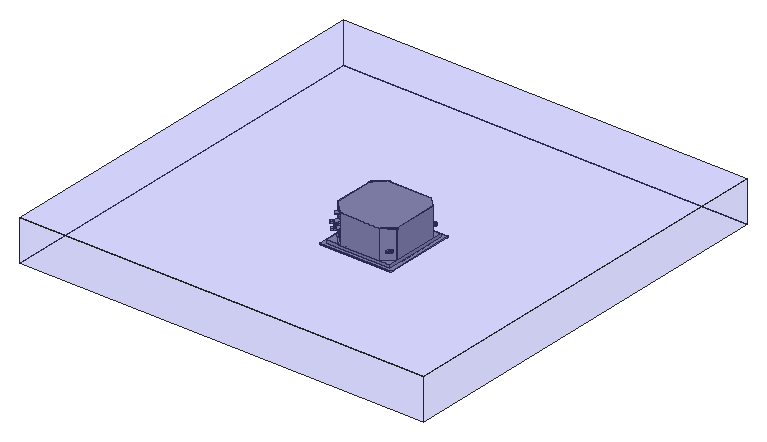
Revit family "SYSIMPLE FCC30A", category Оборудование, Revit 2019
Family settings
  Размер круглого соединителя = Использовать диаметр
  Тип детали = Нормальный
  На основе рабочей плоскости = Нет
  Всегда вертикально = Да
  При загрузке вырезать с полостями = Нет
  Общий = Нет
  Точка расчета площади = Нет
Parameters
  panel dimension(W) = "650x650x55"
  Water Flow Volume(m³/h) = "0.62"
  Top clearance(mm) = 50 mm
  Service Area [instance] = yes
  Right Side clearance(ODU side mm) [instance] = "/"
  Right Side clearance(wall side mm) [instance] = 1500 mm
  Refrigerant type = "/"
  Refrigerant Charged Volume(kg) = "/"
  Rear clearance(mm) = 1500 mm
  Protection grade = "/"
  Product series = "Cassette FCU"
  Power = "220-240V,50,1"
  Operation range cooling (°C） = "/"
  Operation range Heatling (°C） = "/"
  fan type = "AC"
  ODU fan ESP = "/"
  Noise Level(dB) = "≤39"
  NET Weight（body/panel） = "18/3"
  Model = "AFC-300CA/4BA"
  Max.Power input = "/"
  Max.Current input = "/"
  Manufacturer URL = "/"
  Manufacturer = "AUX"
  Left Side clearance(ODU side mm) = "/"
  Left Side clearance(wall side mm) [instance] = 1500 mm
  Installation hole spacing（W) = "/"
  Installation hole spacing（L) = "510.4*514.6*530.5*463"
  Heating power input = "/"
  Heating current = "/"
  Heating capacity = "4800/4200/3700"
  Gross Weight（body/panel） = "21/5"
  Front clearance(mm) = 1500 mm
  Fan motor quantity = "/"
  EER = "/"
  Inlet/Outlet /Drain  Water Pipe = "DN20"
  Design company = "/"
  Design Pressure(Mpa） = "1.6"
  Current of Circuit breaker = "/"
  Cooling current = "/"
  Cooling capacity = "3300/2840/2380"
  Cooling Power input = "/"
  Compressor type = "/"
  Compressor quantity = "/"
  Chassis height（mm) = "/"
  Capacity = "/"
  COP = "/"
  Body dimension(W) = "570×570×260"
  Air guide size(mm) = "/"
  Air flow(m³/h) = "510/440/360"
Reference planes
  plane 1 "中心(前/后)": y = 0
  plane 2: z = 0
  plane 3 "中心(左/右)": x = 0
  plane 4: z = 311.5
  plane 5: z = 261.5
  plane 6: z = -60
Forms (mm)
  Extrusion 1, solid, material "金属"
    sketch origin (0, 0, 0) x (1, 0, 0) y (0, 1, 0)
      loop
        line (-359.149, -138.318) -> (-358.088, -137.257) -> (-361.39, -133.964) -> (-361.39, 220.167) -> (-272.419, 309.137) -> (-273.48, 310.197) -> (-362.231, 221.447)
        arc (-362.231, 221.447) -> (-362.718, 220.717) -> (-362.89, 219.856) r 2.25
        line (-362.89, 219.856) -> (-362.89, -133.549)
        arc (-362.89, -133.549) -> (-362.699, -134.505) -> (-362.157, -135.316) r 2.5
        line (-362.157, -135.316) -> (-359.149, -138.318)
      loop
        line (-272.087, 310.552) -> (118.782, 310.552) -> (206.392, 222.349) -> (207.699, 223.53) -> (119.733, 311.496)
        arc (119.733, 311.496) -> (119.117, 311.908) -> (118.391, 312.052) r 1.897
        line (118.391, 312.052) -> (-272.087, 312.052) -> (-272.087, 310.552)
      loop
        line (207.973, -170.21) -> (118.469, -259.715) -> (-235.142, -259.715) -> (-235.142, -261.215) -> (118.054, -261.215)
        arc (118.054, -261.215) -> (119.011, -261.024) -> (119.822, -260.482) r 2.5
        line (119.822, -260.482) -> (201.978, -178.326) -> (208.814, -171.49)
        arc (208.814, -171.49) -> (209.302, -170.76) -> (209.473, -169.899) r 2.25
        line (209.473, -169.899) -> (209.473, 219.832) -> (207.973, 219.832) -> (207.973, -170.21)
    from 0 to 260
  Extrusion 2, solid, material "金属"
    sketch origin (0, 0, 0) x (1, 0, 0) y (0, 1, 0)
      loop
        line (-361.39, -133.964) -> (-235.346, -259.715) -> (118.469, -259.715) -> (207.973, -170.21) -> (207.973, 220.757) -> (118.782, 310.552) -> (-271.004, 310.552) -> (-361.39, 220.167) -> (-361.39, -133.964)
    from 0 to 260
  Extrusion 3, solid, material "金属"
    sketch origin (0, 0, 260) x (1, 0, 0) y (0, 1, 0)
      loop
        line (-271.004, 310.552) -> (-361.39, 220.167) -> (-361.39, -133.964) -> (-235.346, -259.715) -> (118.469, -259.715) -> (207.973, -170.21) -> (207.973, 220.757) -> (118.782, 310.552) -> (-271.004, 310.552)
    from 0 to 1.5
  Extrusion 4, solid, material "金属"
    sketch origin (0, 0, 0) x (1, 0, 0) y (0, 1, 0)
      loop
        line (-358.618, -138.849) -> (-242.092, -255.39) -> (-240.887, -254.187) -> (-357.557, -137.787) -> (-358.618, -138.849)
    from 1.5 to 260
  Sweep 5, solid, material "金属"
    path in 3D
      loop
        line (-242.092, -255.39, 1.5) -> (-358.618, -138.849, 1.5)
    profile origin (-300.355, -197.12, 1.5) x (0.707152, 0.707062, 0) y (0, 0, -1)
      loop
        line (-10.297, 0) -> (1.703, 0)
        arc (1.703, 0) -> (1.264, 1.061) -> (0.204, 1.5) r 1.499
        line (0.204, 1.5) -> (-10.297, 1.5) -> (-10.297, 0)
  Extrusion 6, solid, material "金属"
    sketch origin (-358.615, -138.852, 0) x (0.707062, -0.707152, 0) y (0, 0, 1)
      loop
        line (59.246, 29) -> (152.246, 29)
        arc (152.246, 29) -> (155.782, 30.464) -> (157.246, 34) r 5
        line (157.246, 34) -> (157.246, 111)
        arc (157.246, 111) -> (155.782, 114.536) -> (152.246, 116) r 5
        line (152.246, 116) -> (137.246, 116)
        arc (137.246, 116) -> (133.711, 114.536) -> (132.246, 111) r 5
        arc (132.246, 111) -> (119.746, 98.5) -> (107.246, 111) r 12.5
        line (107.246, 111) -> (107.246, 146)
        arc (107.246, 146) -> (105.782, 149.536) -> (102.246, 151) r 5
        line (102.246, 151) -> (99.246, 151)
        arc (99.246, 151) -> (95.711, 149.536) -> (94.246, 146) r 5
        arc (94.246, 146) -> (81.746, 133.5) -> (69.246, 146) r 12.5
        arc (69.246, 146) -> (67.782, 149.536) -> (64.246, 151) r 5
        arc (64.246, 151) -> (60.711, 149.536) -> (59.246, 146) r 5
        line (59.246, 146) -> (59.246, 29)
    from 0 to 3
  Extrusion 7, solid, material "黑色"
    sketch origin (-358.615, -138.852, 0) x (0.707062, -0.707152, 0) y (0, 0, 1)
      loop
        circle (81.746, 146) r 12.5
    from 0 to 30
  Extrusion 8, solid, material "黑色"
    sketch origin (-358.615, -138.852, 0) x (0.707062, -0.707152, 0) y (0, 0, 1)
      loop
        circle (119.746, 111) r 12.5
    from 0 to 23.5
  Extrusion 9, solid, material "金属"
    sketch origin (-375.233, -155.468, 0) x (0.707062, -0.707152, 0) y (0, 0, 1)
      loop
        line (129.746, 111) -> (124.746, 119.66) -> (114.746, 119.66) -> (109.746, 111) -> (114.746, 102.34) -> (124.746, 102.34) -> (129.746, 111)
    from 0 to 23.5
  Extrusion 10, solid, material "金属"
    sketch origin (-391.851, -172.084, 0) x (0.707062, -0.707152, 0) y (0, 0, 1)
      loop
        circle (119.746, 111) r 4.5
    from 0 to 3
  Extrusion 11, solid, material "金属"
    sketch origin (-393.972, -174.205, 0) x (0.707062, -0.707152, 0) y (0, 0, 1)
      loop
        line (119.746, 97) -> (131.87, 104) -> (131.87, 118) -> (119.746, 125) -> (107.622, 118) -> (107.622, 104) -> (119.746, 97)
    from 0 to 15
  Extrusion 12, solid, material "白色塑料"
    sketch origin (-358.615, -138.852, 0) x (0.707062, -0.707152, 0) y (0, 0, 1)
      loop
        circle (79.394, 216.095) r 27.5
    from 0 to 2
  Extrusion 13, solid, material "白色塑料"
    sketch origin (-360.029, -140.266, 0) x (0.707062, -0.707152, 0) y (0, 0, 1)
      loop
        circle (79.394, 216.095) r 13
      loop
        circle (79.394, 216.095) r 10.5
    from 0 to 30
  Extrusion 14, void
    sketch origin (-328.123, 255.554, 0) x (0.707107, 0.707107, 0) y (0, 0, 1)
      loop
        circle (-27.56, 19.536) r 10
    from 0 to 30
  Extrusion 15, solid, material "金属"
    sketch origin (-358.615, -138.852, 0) x (0.707062, -0.707152, 0) y (0, 0, 1)
      loop
        line (4.371, 63.5) -> (54.371, 63.5) -> (54.371, 84.5) -> (4.371, 84.5) -> (4.371, 63.5)
    from 0 to 1.5
  Extrusion 16, solid, material "金属"
    sketch origin (-360.385, -137.081, 84.5) x (0.707062, -0.707152, 0) y (0.707152, 0.707062, 0)
      loop
        line (6.875, -1.5) -> (6.876, -18.25)
        arc (6.876, -18.25) -> (10.538, -27.089) -> (19.377, -30.749) r 12.5
        line (19.377, -30.749) -> (25.377, -30.749) -> (25.376, -20.249)
        arc (25.376, -20.249) -> (25.083, -19.542) -> (24.376, -19.249) r 1
        line (24.376, -19.249) -> (19.876, -19.249)
        arc (19.876, -19.249) -> (13.876, -13.25) -> (19.875, -7.249) r 6
        line (19.875, -7.249) -> (43.875, -7.248)
        arc (43.875, -7.248) -> (49.876, -13.247) -> (43.876, -19.248) r 6
        line (43.876, -19.248) -> (39.376, -19.248)
        arc (39.376, -19.248) -> (38.669, -19.541) -> (38.376, -20.248) r 1
        line (38.376, -20.248) -> (38.377, -30.748) -> (44.377, -30.748)
        arc (44.377, -30.748) -> (53.215, -27.086) -> (56.876, -18.247) r 12.5
        line (56.876, -18.247) -> (56.875, -1.5) -> (6.875, -1.5)
    from 0 to 1.5
  Sweep 17, solid, material "金属"
    path in 3D
      loop
        line (-356.585, -143.004, 84.5) -> (-321.232, -178.361, 84.5)
    profile origin (-338.908, -160.682, 84.5) x (-0.707152, -0.707062, 0) y (0, 0, -1)
      loop
        line (0, 0) -> (-1.5, 0)
        arc (-1.5, 0) -> (-1.061, -1.061) -> (0, -1.5) r 1.5
        line (0, -1.5) -> (0, 0)
  Sweep 18, solid, material "金属"
    path in 3D
      loop
        line (-321.232, -178.361, 84.5) -> (-333.074, -190.203, 84.5)
        arc (-333.074, -190.203, 84.5) -> (-341.912, -193.864, 84.5) -> (-350.751, -190.203, 84.5) r 12.5
        line (-350.751, -190.203, 84.5) -> (-354.994, -185.96, 84.5)
    profile origin (-327.153, -184.282, 84.5) x (-0.707107, 0.707107, 0) y (0, 0, -1)
      loop
        line (0, 0) -> (0, 6) -> (-1.5, 6) -> (-1.5, 0)
        arc (-1.5, 0) -> (-1.061, -1.061) -> (0, -1.5) r 1.5
        line (0, -1.5) -> (0, 0)
  Sweep 19, solid, material "金属"
    path in 3D
      loop
        line (-364.186, -176.768, 84.5) -> (-368.429, -172.525, 84.5)
        arc (-368.429, -172.525, 84.5) -> (-372.09, -163.686, 84.5) -> (-368.429, -154.848, 84.5) r 12.5
        line (-368.429, -154.848, 84.5) -> (-356.585, -143.004, 84.5)
    profile origin (-362.507, -148.926, 84.5) x (0.707107, -0.707107, 0) y (0, 0, -1)
      loop
        line (0, 0) -> (0, 6) -> (-1.5, 6) -> (-1.5, 0)
        arc (-1.5, 0) -> (-1.061, -1.061) -> (0, -1.5) r 1.5
        line (0, -1.5) -> (0, 0)
  Sweep 20, solid, material "金属"
    path in 3D
      loop
        line (-356.585, -143.004, 78.5) -> (-356.585, -143.004, 63.5)
    profile origin (-356.585, -143.004, 71) x (-0.707152, -0.707062, 0) y (0.707062, -0.707152, 0)
      loop
        line (2, 0) -> (-1.5, 0) -> (-1.5, -1.5) -> (2, -1.5) -> (2, 0)
  Sweep 21, solid, material "金属"
    path in 3D
      loop
        line (-321.232, -178.361, 78.5) -> (-321.232, -178.361, 63.5)
    profile origin (-321.232, -178.361, 71) x (0.707062, -0.707152, 0) y (0.707152, 0.707062, 0)
      loop
        line (0, 1.5) -> (0, -2) -> (1.5, -2) -> (1.5, 1.5) -> (0, 1.5)
  Extrusion 22, solid, material "金属"
    sketch origin (143.512, -236.79, 0) x (0.707152, 0.707062, 0) y (0, 0, 1)
      loop
        line (4.371, 63.5) -> (54.371, 63.5) -> (54.371, 84.5) -> (4.371, 84.5) -> (4.371, 63.5)
    from 0 to 1.5
  Extrusion 23, solid, material "金属"
    sketch origin (141.741, -238.561, 84.5) x (0.707152, 0.707062, 0) y (-0.707062, 0.707152, 0)
      loop
        line (6.875, -1.5) -> (6.876, -18.25)
        arc (6.876, -18.25) -> (10.538, -27.089) -> (19.377, -30.749) r 12.5
        line (19.377, -30.749) -> (25.377, -30.749) -> (25.376, -20.249)
        arc (25.376, -20.249) -> (25.083, -19.542) -> (24.376, -19.249) r 1
        line (24.376, -19.249) -> (19.876, -19.249)
        arc (19.876, -19.249) -> (13.876, -13.25) -> (19.875, -7.249) r 6
        line (19.875, -7.249) -> (43.875, -7.248)
        arc (43.875, -7.248) -> (49.876, -13.247) -> (43.876, -19.248) r 6
        line (43.876, -19.248) -> (39.376, -19.248)
        arc (39.376, -19.248) -> (38.669, -19.541) -> (38.376, -20.248) r 1
        line (38.376, -20.248) -> (38.377, -30.748) -> (44.377, -30.748)
        arc (44.377, -30.748) -> (53.215, -27.086) -> (56.876, -18.247) r 12.5
        line (56.876, -18.247) -> (56.875, -1.5) -> (6.875, -1.5)
    from 0 to 1.5
  Sweep 24, solid, material "金属"
    path in 3D
      loop
        line (147.663, -234.76, 84.5) -> (183.021, -199.407, 84.5)
    profile origin (165.342, -217.084, 84.5) x (0.707062, -0.707152, 0) y (0, 0, -1)
      loop
        line (0, 0) -> (-1.5, 0)
        arc (-1.5, 0) -> (-1.061, -1.061) -> (0, -1.5) r 1.5
        line (0, -1.5) -> (0, 0)
  Sweep 25, solid, material "金属"
    path in 3D
      loop
        line (183.021, -199.407, 84.5) -> (194.863, -211.249, 84.5)
        arc (194.863, -211.249, 84.5) -> (198.524, -220.088, 84.5) -> (194.863, -228.927, 84.5) r 12.5
        line (194.863, -228.927, 84.5) -> (190.62, -233.169, 84.5)
    profile origin (188.942, -205.328, 84.5) x (-0.707107, -0.707107, 0) y (0, 0, -1)
      loop
        line (0, 0) -> (0, 6) -> (-1.5, 6) -> (-1.5, 0)
        arc (-1.5, 0) -> (-1.061, -1.061) -> (0, -1.5) r 1.5
        line (0, -1.5) -> (0, 0)
  Sweep 26, solid, material "金属"
    path in 3D
      loop
        line (181.428, -242.362, 84.5) -> (177.185, -246.604, 84.5)
        arc (177.185, -246.604, 84.5) -> (168.346, -250.266, 84.5) -> (159.508, -246.604, 84.5) r 12.5
        line (159.508, -246.604, 84.5) -> (147.663, -234.76, 84.5)
    profile origin (153.586, -240.682, 84.5) x (0.707107, 0.707107, 0) y (0, 0, -1)
      loop
        line (0, 0) -> (0, 6) -> (-1.5, 6) -> (-1.5, 0)
        arc (-1.5, 0) -> (-1.061, -1.061) -> (0, -1.5) r 1.5
        line (0, -1.5) -> (0, 0)
  Sweep 27, solid, material "金属"
    path in 3D
      loop
        line (147.663, -234.76, 78.5) -> (147.663, -234.76, 63.5)
    profile origin (147.663, -234.76, 71) x (-0.707152, -0.707062, 0) y (0.707062, -0.707152, 0)
      loop
        line (0, 2) -> (0, -1.5) -> (1.5, -1.5) -> (1.5, 2) -> (0, 2)
  Sweep 28, solid, material "金属"
    path in 3D
      loop
        line (183.021, -199.407, 78.5) -> (183.021, -199.407, 63.5)
    profile origin (183.021, -199.407, 71) x (0.707062, -0.707152, 0) y (0.707152, 0.707062, 0)
      loop
        line (-1.5, 0) -> (2, 0) -> (2, 1.5) -> (-1.5, 1.5) -> (-1.5, 0)
  Extrusion 29, solid, material "金属"
    sketch origin (185.243, 245.983, 0) x (-0.707062, 0.707152, 0) y (0, 0, 1)
      loop
        line (4.371, 63.5) -> (54.371, 63.5) -> (54.371, 84.5) -> (4.371, 84.5) -> (4.371, 63.5)
    from 0 to 1.5
  Extrusion 30, solid, material "金属"
    sketch origin (187.014, 244.212, 84.5) x (-0.707062, 0.707152, 0) y (-0.707152, -0.707062, 0)
      loop
        line (6.875, -1.5) -> (6.876, -18.25)
        arc (6.876, -18.25) -> (10.538, -27.089) -> (19.377, -30.749) r 12.5
        line (19.377, -30.749) -> (25.377, -30.749) -> (25.376, -20.249)
        arc (25.376, -20.249) -> (25.083, -19.542) -> (24.376, -19.249) r 1
        line (24.376, -19.249) -> (19.876, -19.249)
        arc (19.876, -19.249) -> (13.876, -13.25) -> (19.875, -7.249) r 6
        line (19.875, -7.249) -> (43.875, -7.248)
        arc (43.875, -7.248) -> (49.876, -13.247) -> (43.876, -19.248) r 6
        line (43.876, -19.248) -> (39.376, -19.248)
        arc (39.376, -19.248) -> (38.669, -19.541) -> (38.376, -20.248) r 1
        line (38.376, -20.248) -> (38.377, -30.748) -> (44.377, -30.748)
        arc (44.377, -30.748) -> (53.215, -27.086) -> (56.876, -18.247) r 12.5
        line (56.876, -18.247) -> (56.875, -1.5) -> (6.875, -1.5)
    from 0 to 1.5
  Sweep 31, solid, material "金属"
    path in 3D
      loop
        line (183.213, 250.134, 84.5) -> (147.86, 285.492, 84.5)
    profile origin (165.537, 267.813, 84.5) x (0.707152, 0.707062, 0) y (0, 0, -1)
      loop
        line (0, 0) -> (-1.5, 0)
        arc (-1.5, 0) -> (-1.061, -1.061) -> (0, -1.5) r 1.5
        line (0, -1.5) -> (0, 0)
  Sweep 32, solid, material "金属"
    path in 3D
      loop
        line (147.86, 285.492, 84.5) -> (159.702, 297.334, 84.5)
        arc (159.702, 297.334, 84.5) -> (168.541, 300.995, 84.5) -> (177.38, 297.334, 84.5) r 12.5
        line (177.38, 297.334, 84.5) -> (181.622, 293.091, 84.5)
    profile origin (153.781, 291.413, 84.5) x (0.707107, -0.707107, 0) y (0, 0, -1)
      loop
        line (0, 0) -> (0, 6) -> (-1.5, 6) -> (-1.5, 0)
        arc (-1.5, 0) -> (-1.061, -1.061) -> (0, -1.5) r 1.5
        line (0, -1.5) -> (0, 0)
  Sweep 33, solid, material "金属"
    path in 3D
      loop
        line (190.815, 283.899, 84.5) -> (195.057, 279.656, 84.5)
        arc (195.057, 279.656, 84.5) -> (198.719, 270.817, 84.5) -> (195.057, 261.979, 84.5) r 12.5
        line (195.057, 261.979, 84.5) -> (183.213, 250.134, 84.5)
    profile origin (189.135, 256.057, 84.5) x (-0.707107, 0.707107, 0) y (0, 0, -1)
      loop
        line (0, 0) -> (0, 6) -> (-1.5, 6) -> (-1.5, 0)
        arc (-1.5, 0) -> (-1.061, -1.061) -> (0, -1.5) r 1.5
        line (0, -1.5) -> (0, 0)
  Sweep 34, solid, material "金属"
    path in 3D
      loop
        line (183.213, 250.134, 78.5) -> (183.213, 250.134, 63.5)
    profile origin (183.213, 250.134, 71) x (-0.707152, -0.707062, 0) y (0.707062, -0.707152, 0)
      loop
        line (-2, 0) -> (1.5, 0) -> (1.5, 1.5) -> (-2, 1.5) -> (-2, 0)
  Sweep 35, solid, material "金属"
    path in 3D
      loop
        line (147.86, 285.492, 78.5) -> (147.86, 285.492, 63.5)
    profile origin (147.86, 285.492, 71) x (0.707062, -0.707152, 0) y (0.707152, 0.707062, 0)
      loop
        line (0, -1.5) -> (0, 2) -> (-1.5, 2) -> (-1.5, -1.5) -> (0, -1.5)
  Extrusion 36, solid, material "金属"
    sketch origin (-297.085, 286.589, 0) x (-0.707152, -0.707062, 0) y (0, 0, 1)
      loop
        line (4.371, 63.5) -> (54.371, 63.5) -> (54.371, 84.5) -> (4.371, 84.5) -> (4.371, 63.5)
    from 0 to 1.5
  Extrusion 37, solid, material "金属"
    sketch origin (-295.315, 288.36, 84.5) x (-0.707152, -0.707062, 0) y (0.707062, -0.707152, 0)
      loop
        line (6.875, -1.5) -> (6.876, -18.25)
        arc (6.876, -18.25) -> (10.538, -27.089) -> (19.377, -30.749) r 12.5
        line (19.377, -30.749) -> (25.377, -30.749) -> (25.376, -20.249)
        arc (25.376, -20.249) -> (25.083, -19.542) -> (24.376, -19.249) r 1
        line (24.376, -19.249) -> (19.876, -19.249)
        arc (19.876, -19.249) -> (13.876, -13.25) -> (19.875, -7.249) r 6
        line (19.875, -7.249) -> (43.875, -7.248)
        arc (43.875, -7.248) -> (49.876, -13.247) -> (43.876, -19.248) r 6
        line (43.876, -19.248) -> (39.376, -19.248)
        arc (39.376, -19.248) -> (38.669, -19.541) -> (38.376, -20.248) r 1
        line (38.376, -20.248) -> (38.377, -30.748) -> (44.377, -30.748)
        arc (44.377, -30.748) -> (53.215, -27.086) -> (56.876, -18.247) r 12.5
        line (56.876, -18.247) -> (56.875, -1.5) -> (6.875, -1.5)
    from 0 to 1.5
  Sweep 38, solid, material "金属"
    path in 3D
      loop
        line (-301.237, 284.559, 84.5) -> (-336.595, 249.206, 84.5)
    profile origin (-318.916, 266.883, 84.5) x (-0.707062, 0.707152, 0) y (0, 0, -1)
      loop
        line (0, 0) -> (-1.5, 0)
        arc (-1.5, 0) -> (-1.061, -1.061) -> (0, -1.5) r 1.5
        line (0, -1.5) -> (0, 0)
  Sweep 39, solid, material "金属"
    path in 3D
      loop
        line (-336.595, 249.206, 84.5) -> (-348.436, 261.048, 84.5)
        arc (-348.436, 261.048, 84.5) -> (-352.098, 269.887, 84.5) -> (-348.436, 278.726, 84.5) r 12.5
        line (-348.436, 278.726, 84.5) -> (-344.194, 282.968, 84.5)
    profile origin (-342.516, 255.127, 84.5) x (0.707107, 0.707107, 0) y (0, 0, -1)
      loop
        line (0, 0) -> (0, 6) -> (-1.5, 6) -> (-1.5, 0)
        arc (-1.5, 0) -> (-1.061, -1.061) -> (0, -1.5) r 1.5
        line (0, -1.5) -> (0, 0)
  Sweep 40, solid, material "金属"
    path in 3D
      loop
        line (-335.001, 292.161, 84.5) -> (-330.759, 296.403, 84.5)
        arc (-330.759, 296.403, 84.5) -> (-321.92, 300.065, 84.5) -> (-313.081, 296.403, 84.5) r 12.5
        line (-313.081, 296.403, 84.5) -> (-301.237, 284.559, 84.5)
    profile origin (-307.159, 290.481, 84.5) x (-0.707107, -0.707107, 0) y (0, 0, -1)
      loop
        line (0, 0) -> (0, 6) -> (-1.5, 6) -> (-1.5, 0)
        arc (-1.5, 0) -> (-1.061, -1.061) -> (0, -1.5) r 1.5
        line (0, -1.5) -> (0, 0)
  Sweep 41, solid, material "金属"
    path in 3D
      loop
        line (-301.237, 284.559, 78.5) -> (-301.237, 284.559, 63.5)
    profile origin (-301.237, 284.559, 71) x (-0.707152, -0.707062, 0) y (0.707062, -0.707152, 0)
      loop
        line (0, -2) -> (0, 1.5) -> (-1.5, 1.5) -> (-1.5, -2) -> (0, -2)
  Sweep 42, solid, material "金属"
    path in 3D
      loop
        line (-336.595, 249.206, 78.5) -> (-336.595, 249.206, 63.5)
    profile origin (-336.595, 249.206, 71) x (0.707062, -0.707152, 0) y (0.707152, 0.707062, 0)
      loop
        line (1.5, 0) -> (-2, 0) -> (-2, -1.5) -> (1.5, -1.5) -> (1.5, 0)
  Extrusion 43, solid, material "白色塑料"
    sketch origin (-51.289, 102.127, 0) x (0, 1, 0) y (-1, 0, 0)
      loop
        line (209.473, 312.052) -> (-362.89, 312.052) -> (-362.89, -261.215) -> (209.473, -261.215) -> (209.473, 312.052)
    from 0 to -28.5
  SweptBlend 44, solid, material "白色塑料"
    path origin (-76.708, -299.581, -28.5) x (0, 1, 0) y (0, 0, 1)
      loop
        line (325, 0) -> (325, -26.5)
    profile origin (-76.708, 25.419, -28.5) x (1, 0, 0) y (0, 1, 0)
      loop
        arc (-310, 325) -> (-320.607, 320.607) -> (-325, 310) r 15
        line (-325, 310) -> (-325, -310)
        arc (-325, -310) -> (-320.607, -320.607) -> (-310, -325) r 15
        line (-310, -325) -> (310, -325)
        arc (310, -325) -> (320.607, -320.607) -> (325, -310) r 15
        line (325, -310) -> (325, 310)
        arc (325, 310) -> (320.607, 320.607) -> (310, 325) r 15
        line (310, 325) -> (-310, 325)
    end profile origin (-76.708, 25.419, -55) x (1, 0, 0) y (0, 1, 0)
      loop
        line (-197, -209.192) -> (196.992, -209.192)
        arc (196.992, -209.192) -> (205.618, -205.618) -> (209.192, -196.992) r 12.2
        line (209.192, -196.992) -> (209.192, 196.986)
        arc (209.192, 196.986) -> (205.618, 205.613) -> (196.992, 209.186) r 12.2
        line (196.992, 209.186) -> (-197.005, 209.186)
        arc (-197.005, 209.186) -> (-205.622, 205.617) -> (-209.192, 197) r 12.186
        line (-209.192, 197) -> (-209.192, -197)
        arc (-209.192, -197) -> (-205.621, -205.621) -> (-197, -209.192) r 12.192
  Extrusion 45, solid, material "白色塑料"
    sketch origin (-51.289, 102.127, -28.5) x (-1, 0, 0) y (0, 1, 0)
      loop
        arc (335.419, -401.708) -> (346.025, -397.315) -> (350.419, -386.708) r 15
        line (350.419, -386.708) -> (350.419, 233.292)
        arc (350.419, 233.292) -> (346.025, 243.899) -> (335.419, 248.292) r 15
        line (335.419, 248.292) -> (-284.581, 248.292)
        arc (-284.581, 248.292) -> (-295.188, 243.899) -> (-299.581, 233.292) r 15
        line (-299.581, 233.292) -> (-299.581, -386.708)
        arc (-299.581, -386.708) -> (-295.188, -397.315) -> (-284.581, -401.708) r 15
        line (-284.581, -401.708) -> (335.419, -401.708)
    from 0 to -3
  Sweep 46, solid, material "白色塑料"
    path in 3D
      loop
        arc (-273.713, 234.605, -55) -> (-282.33, 231.036, -55) -> (-285.9, 222.419, -55) r 12.186
        line (-285.9, 222.419, -55) -> (-285.9, -171.581, -55)
        arc (-285.9, -171.581, -55) -> (-282.329, -180.202, -55) -> (-273.708, -183.773, -55) r 12.192
        line (-273.708, -183.773, -55) -> (120.284, -183.773, -55)
        arc (120.284, -183.773, -55) -> (128.91, -180.2, -55) -> (132.484, -171.573, -55) r 12.2
        line (132.484, -171.573, -55) -> (132.484, 222.405, -55)
        arc (132.484, 222.405, -55) -> (128.91, 231.032, -55) -> (120.284, 234.605, -55) r 12.2
        line (120.284, 234.605, -55) -> (-273.713, 234.605, -55)
    profile origin (-76.715, 234.605, -55) x (0, 1, 0) y (0, 0, -1)
      loop
        arc (0, 0) -> (-4.644, 3.213) -> (-10, 5) r 20
        line (-10, 5) -> (-10, 0) -> (0, 0)
  Extrusion 47, solid, material "白色塑料"
    sketch origin (120.284, 234.605, -55) x (-1, 0, 0) y (0, -1, 0)
      loop
        arc (-2.2, 12.2) -> (-1.556, 10.644) -> (0, 10) r 2.2
        line (0, 10) -> (393.997, 10)
        arc (393.997, 10) -> (395.543, 10.64) -> (396.183, 12.186) r 2.186
        line (396.183, 12.186) -> (396.183, 406.186)
        arc (396.183, 406.186) -> (395.541, 407.736) -> (393.992, 408.378) r 2.192
        line (393.992, 408.378) -> (0, 408.378)
        arc (0, 408.378) -> (-1.556, 407.734) -> (-2.2, 406.178) r 2.2
        line (-2.2, 406.178) -> (-2.2, 12.2)
    from 0 to -5
  Extrusion 48, void
    sketch origin (120.284, 234.605, -55) x (0, -1, 0) y (-1, 0, 0)
      loop
        line (374.186, 364.992) -> (44.186, 364.992)
        arc (44.186, 364.992) -> (40.186, 360.992) -> (44.186, 356.992) r 4
        line (44.186, 356.992) -> (374.186, 356.992)
        arc (374.186, 356.992) -> (378.186, 360.992) -> (374.186, 364.992) r 4
      loop
        line (374.186, 354.992) -> (44.186, 354.992)
        arc (44.186, 354.992) -> (40.186, 350.992) -> (44.186, 346.992) r 4
        line (44.186, 346.992) -> (374.186, 346.992)
        arc (374.186, 346.992) -> (378.186, 350.992) -> (374.186, 354.992) r 4
      loop
        arc (44.186, 344.992) -> (40.186, 340.992) -> (44.186, 336.992) r 4
        line (44.186, 336.992) -> (374.186, 336.992)
        arc (374.186, 336.992) -> (378.186, 340.992) -> (374.186, 344.992) r 4
        line (374.186, 344.992) -> (44.186, 344.992)
      loop
        arc (44.186, 334.992) -> (40.186, 330.992) -> (44.186, 326.992) r 4
        line (44.186, 326.992) -> (374.186, 326.992)
        arc (374.186, 326.992) -> (378.186, 330.992) -> (374.186, 334.992) r 4
        line (374.186, 334.992) -> (44.186, 334.992)
      loop
        arc (44.186, 324.992) -> (40.186, 320.992) -> (44.186, 316.992) r 4
        line (44.186, 316.992) -> (374.186, 316.992)
        arc (374.186, 316.992) -> (378.186, 320.992) -> (374.186, 324.992) r 4
        line (374.186, 324.992) -> (44.186, 324.992)
      loop
        arc (44.186, 314.992) -> (40.186, 310.992) -> (44.186, 306.992) r 4
        line (44.186, 306.992) -> (374.186, 306.992)
        arc (374.186, 306.992) -> (378.186, 310.992) -> (374.186, 314.992) r 4
        line (374.186, 314.992) -> (44.186, 314.992)
      loop
        arc (44.186, 304.992) -> (40.186, 300.992) -> (44.186, 296.992) r 4
        line (44.186, 296.992) -> (374.186, 296.992)
        arc (374.186, 296.992) -> (378.186, 300.992) -> (374.186, 304.992) r 4
        line (374.186, 304.992) -> (44.186, 304.992)
      loop
        arc (44.186, 294.992) -> (40.186, 290.992) -> (44.186, 286.992) r 4
        line (44.186, 286.992) -> (374.186, 286.992)
        arc (374.186, 286.992) -> (378.186, 290.992) -> (374.186, 294.992) r 4
        line (374.186, 294.992) -> (44.186, 294.992)
      loop
        arc (44.186, 284.992) -> (40.186, 280.992) -> (44.186, 276.992) r 4
        line (44.186, 276.992) -> (374.186, 276.992)
        arc (374.186, 276.992) -> (378.186, 280.992) -> (374.186, 284.992) r 4
        line (374.186, 284.992) -> (44.186, 284.992)
      loop
        arc (44.186, 274.992) -> (40.186, 270.992) -> (44.186, 266.992) r 4
        line (44.186, 266.992) -> (374.186, 266.992)
        arc (374.186, 266.992) -> (378.186, 270.992) -> (374.186, 274.992) r 4
        line (374.186, 274.992) -> (44.186, 274.992)
      loop
        arc (44.186, 264.992) -> (40.186, 260.992) -> (44.186, 256.992) r 4
        line (44.186, 256.992) -> (374.186, 256.992)
        arc (374.186, 256.992) -> (378.186, 260.992) -> (374.186, 264.992) r 4
        line (374.186, 264.992) -> (44.186, 264.992)
      loop
        arc (44.186, 254.992) -> (40.186, 250.992) -> (44.186, 246.992) r 4
        line (44.186, 246.992) -> (374.186, 246.992)
        arc (374.186, 246.992) -> (378.186, 250.992) -> (374.186, 254.992) r 4
        line (374.186, 254.992) -> (44.186, 254.992)
      loop
        arc (44.186, 244.992) -> (40.186, 240.992) -> (44.186, 236.992) r 4
        line (44.186, 236.992) -> (374.186, 236.992)
        arc (374.186, 236.992) -> (378.186, 240.992) -> (374.186, 244.992) r 4
        line (374.186, 244.992) -> (44.186, 244.992)
      loop
        arc (44.186, 234.992) -> (40.186, 230.992) -> (44.186, 226.992) r 4
        line (44.186, 226.992) -> (374.186, 226.992)
        arc (374.186, 226.992) -> (378.186, 230.992) -> (374.186, 234.992) r 4
        line (374.186, 234.992) -> (44.186, 234.992)
      loop
        arc (44.186, 224.992) -> (40.186, 220.992) -> (44.186, 216.992) r 4
        line (44.186, 216.992) -> (374.186, 216.992)
        arc (374.186, 216.992) -> (378.186, 220.992) -> (374.186, 224.992) r 4
        line (374.186, 224.992) -> (44.186, 224.992)
      loop
        arc (44.186, 214.992) -> (40.186, 210.992) -> (44.186, 206.992) r 4
        line (44.186, 206.992) -> (374.186, 206.992)
        arc (374.186, 206.992) -> (378.186, 210.992) -> (374.186, 214.992) r 4
        line (374.186, 214.992) -> (44.186, 214.992)
      loop
        arc (44.186, 204.992) -> (40.186, 200.992) -> (44.186, 196.992) r 4
        line (44.186, 196.992) -> (374.186, 196.992)
        arc (374.186, 196.992) -> (378.186, 200.992) -> (374.186, 204.992) r 4
        line (374.186, 204.992) -> (44.186, 204.992)
      loop
        arc (44.186, 194.992) -> (40.186, 190.992) -> (44.186, 186.992) r 4
        line (44.186, 186.992) -> (374.186, 186.992)
        arc (374.186, 186.992) -> (378.186, 190.992) -> (374.186, 194.992) r 4
        line (374.186, 194.992) -> (44.186, 194.992)
      loop
        arc (44.186, 184.992) -> (40.186, 180.992) -> (44.186, 176.992) r 4
        line (44.186, 176.992) -> (374.186, 176.992)
        arc (374.186, 176.992) -> (378.186, 180.992) -> (374.186, 184.992) r 4
        line (374.186, 184.992) -> (44.186, 184.992)
      loop
        arc (44.186, 174.992) -> (40.186, 170.992) -> (44.186, 166.992) r 4
        line (44.186, 166.992) -> (374.186, 166.992)
        arc (374.186, 166.992) -> (378.186, 170.992) -> (374.186, 174.992) r 4
        line (374.186, 174.992) -> (44.186, 174.992)
      loop
        arc (44.186, 164.992) -> (40.186, 160.992) -> (44.186, 156.992) r 4
        line (44.186, 156.992) -> (374.186, 156.992)
        arc (374.186, 156.992) -> (378.186, 160.992) -> (374.186, 164.992) r 4
        line (374.186, 164.992) -> (44.186, 164.992)
      loop
        arc (44.186, 154.992) -> (40.186, 150.992) -> (44.186, 146.992) r 4
        line (44.186, 146.992) -> (374.186, 146.992)
        arc (374.186, 146.992) -> (378.186, 150.992) -> (374.186, 154.992) r 4
        line (374.186, 154.992) -> (44.186, 154.992)
      loop
        arc (44.186, 144.992) -> (40.186, 140.992) -> (44.186, 136.992) r 4
        line (44.186, 136.992) -> (374.186, 136.992)
        arc (374.186, 136.992) -> (378.186, 140.992) -> (374.186, 144.992) r 4
        line (374.186, 144.992) -> (44.186, 144.992)
      loop
        arc (44.186, 134.992) -> (40.186, 130.992) -> (44.186, 126.992) r 4
        line (44.186, 126.992) -> (374.186, 126.992)
        arc (374.186, 126.992) -> (378.186, 130.992) -> (374.186, 134.992) r 4
        line (374.186, 134.992) -> (44.186, 134.992)
      loop
        arc (44.186, 124.992) -> (40.186, 120.992) -> (44.186, 116.992) r 4
        line (44.186, 116.992) -> (374.186, 116.992)
        arc (374.186, 116.992) -> (378.186, 120.992) -> (374.186, 124.992) r 4
        line (374.186, 124.992) -> (44.186, 124.992)
      loop
        arc (44.186, 114.992) -> (40.186, 110.992) -> (44.186, 106.992) r 4
        line (44.186, 106.992) -> (374.186, 106.992)
        arc (374.186, 106.992) -> (378.186, 110.992) -> (374.186, 114.992) r 4
        line (374.186, 114.992) -> (44.186, 114.992)
      loop
        arc (44.186, 104.992) -> (40.186, 100.992) -> (44.186, 96.992) r 4
        line (44.186, 96.992) -> (374.186, 96.992)
        arc (374.186, 96.992) -> (378.186, 100.992) -> (374.186, 104.992) r 4
        line (374.186, 104.992) -> (44.186, 104.992)
      loop
        arc (44.186, 94.992) -> (40.186, 90.992) -> (44.186, 86.992) r 4
        line (44.186, 86.992) -> (374.186, 86.992)
        arc (374.186, 86.992) -> (378.186, 90.992) -> (374.186, 94.992) r 4
        line (374.186, 94.992) -> (44.186, 94.992)
      loop
        arc (44.186, 84.992) -> (40.186, 80.992) -> (44.186, 76.992) r 4
        line (44.186, 76.992) -> (374.186, 76.992)
        arc (374.186, 76.992) -> (378.186, 80.992) -> (374.186, 84.992) r 4
        line (374.186, 84.992) -> (44.186, 84.992)
      loop
        arc (44.186, 74.992) -> (40.186, 70.992) -> (44.186, 66.992) r 4
        line (44.186, 66.992) -> (374.186, 66.992)
        arc (374.186, 66.992) -> (378.186, 70.992) -> (374.186, 74.992) r 4
        line (374.186, 74.992) -> (44.186, 74.992)
      loop
        arc (44.186, 64.992) -> (40.186, 60.992) -> (44.186, 56.992) r 4
        line (44.186, 56.992) -> (374.186, 56.992)
        arc (374.186, 56.992) -> (378.186, 60.992) -> (374.186, 64.992) r 4
        line (374.186, 64.992) -> (44.186, 64.992)
      loop
        arc (44.186, 54.992) -> (40.186, 50.992) -> (44.186, 46.992) r 4
        line (44.186, 46.992) -> (374.186, 46.992)
        arc (374.186, 46.992) -> (378.186, 50.992) -> (374.186, 54.992) r 4
        line (374.186, 54.992) -> (44.186, 54.992)
      loop
        arc (44.186, 44.992) -> (40.186, 40.992) -> (44.186, 36.992) r 4
        line (44.186, 36.992) -> (374.186, 36.992)
        arc (374.186, 36.992) -> (378.186, 40.992) -> (374.186, 44.992) r 4
        line (374.186, 44.992) -> (44.186, 44.992)
      loop
        arc (104.186, 3.692) -> (104.772, 2.277) -> (106.186, 1.692) r 2
        line (106.186, 1.692) -> (312.186, 1.692)
        arc (312.186, 1.692) -> (313.601, 2.277) -> (314.186, 3.692) r 2
        line (314.186, 3.692) -> (314.186, 32.292)
        arc (314.186, 32.292) -> (313.601, 33.706) -> (312.186, 34.292) r 2
        line (312.186, 34.292) -> (106.186, 34.292)
        arc (106.186, 34.292) -> (104.772, 33.706) -> (104.186, 32.292) r 2
        line (104.186, 32.292) -> (104.186, 3.692)
      loop
        arc (86.586, 376.792) -> (87.114, 375.519) -> (88.386, 374.992) r 1.8
        line (88.386, 374.992) -> (107.386, 374.992)
        arc (107.386, 374.992) -> (108.659, 375.519) -> (109.186, 376.792) r 1.8
        line (109.186, 376.792) -> (109.186, 389.792)
        arc (109.186, 389.792) -> (108.659, 391.064) -> (107.386, 391.592) r 1.8
        line (107.386, 391.592) -> (88.386, 391.592)
        arc (88.386, 391.592) -> (87.114, 391.064) -> (86.586, 389.792) r 1.8
        line (86.586, 389.792) -> (86.586, 376.792)
      loop
        arc (309.186, 376.792) -> (309.714, 375.519) -> (310.986, 374.992) r 1.8
        line (310.986, 374.992) -> (329.986, 374.992)
        arc (329.986, 374.992) -> (331.259, 375.519) -> (331.786, 376.792) r 1.8
        line (331.786, 376.792) -> (331.786, 389.792)
        arc (331.786, 389.792) -> (331.259, 391.064) -> (329.986, 391.592) r 1.8
        line (329.986, 391.592) -> (310.986, 391.592)
        arc (310.986, 391.592) -> (309.714, 391.064) -> (309.186, 389.792) r 1.8
        line (309.186, 389.792) -> (309.186, 376.792)
    from 5 to -55
  Extrusion 49, void
    sketch origin (-76.708, 350.419, -28.5) x (-1, 0, 0) y (0, -0.974807, -0.223051)
      loop
        line (-175, 41) -> (175, 41) -> (175, 73)
        arc (175, 73) -> (172.309, 80.381) -> (165.5, 84.3) r 11.471
        line (165.5, 84.3) -> (-165.5, 84.3)
        arc (-165.5, 84.3) -> (-172.309, 80.381) -> (-175, 73) r 11.471
        line (-175, 73) -> (-175, 41)
    from 0 to 20
  Extrusion 50, void
    sketch origin (-401.708, 25.419, -28.5) x (0, -1, 0) y (0.974805, 0, -0.223061)
      loop
        line (-175, 42) -> (175, 42) -> (175, 74)
        arc (175, 74) -> (172.309, 81.381) -> (165.5, 85.3) r 11.471
        line (165.5, 85.3) -> (-165.5, 85.3)
        arc (-165.5, 85.3) -> (-172.881, 81.862) -> (-175, 74) r 9.643
        line (-175, 74) -> (-175, 42)
    from 0 to 20
  Extrusion 51, void
    sketch origin (-76.708, -299.581, -28.5) x (1, 0, 0) y (0, 0.974805, -0.223061)
      loop
        line (-175, 42) -> (175, 42) -> (175, 74)
        arc (175, 74) -> (172.309, 81.381) -> (165.5, 85.3) r 11.471
        line (165.5, 85.3) -> (-165.5, 85.3)
        arc (-165.5, 85.3) -> (-172.881, 81.862) -> (-175, 74) r 9.643
        line (-175, 74) -> (-175, 42)
    from 0 to 20
  Extrusion 52, void
    sketch origin (248.292, 25.419, -28.5) x (0, 1, 0) y (-0.974805, 0, -0.223061)
      loop
        line (-175, 42) -> (175, 42) -> (175, 74)
        arc (175, 74) -> (172.881, 81.862) -> (165.5, 85.3) r 9.643
        line (165.5, 85.3) -> (-165.5, 85.3)
        arc (-165.5, 85.3) -> (-172.881, 81.862) -> (-175, 74) r 9.643
        line (-175, 74) -> (-175, 42)
    from 0 to 20
  Sweep 53, solid, material "白色塑料"
    path in 3D
      loop
        line (91.292, 310.452, -37.645) -> (-244.708, 310.452, -37.645)
    profile origin (-76.708, 310.452, -37.645) x (0, 0.974807, 0.223051) y (0, 0.223051, -0.974807)
      loop
        line (-31.595, 0) -> (-31.595, -2) -> (-1.995, -2) -> (-1.995, 0)
        spline (-1.995, 0) -> (-2.5, 0.518) -> (-3.978, 1.002) -> (-6.33, 1.416) -> (-9.395, 1.735) -> (-12.965, 1.935) -> (-16.795, 2.003) -> (-20.626, 1.935) -> (-24.195, 1.735) -> (-27.261, 1.416) -> (-29.613, 1.002) -> (-31.091, 0.518) -> (-31.595, 0)
  Sweep 54, solid, material "白色塑料"
    path in 3D
      loop
        line (207.35, -142.581, -37.869) -> (207.35, 193.419, -37.869)
    profile origin (207.35, 25.419, -37.869) x (0.974805, 0, 0.223061) y (0.223061, 0, -0.974805)
      loop
        line (-31.6, 0) -> (-31.6, -2) -> (-2, -2) -> (-2, 0)
        spline (-2, 0) -> (-2.504, 0.518) -> (-3.983, 1) -> (-6.335, 1.414) -> (-9.4, 1.732) -> (-12.969, 1.932) -> (-16.8, 2) -> (-20.631, 1.932) -> (-24.2, 1.732) -> (-27.265, 1.414) -> (-29.617, 1) -> (-31.096, 0.518) -> (-31.6, 0)
  Sweep 55, solid, material "白色塑料"
    path in 3D
      loop
        line (-244.708, -258.64, -37.869) -> (91.292, -258.64, -37.869)
    profile origin (-76.708, -258.64, -37.869) x (0, -0.974805, 0.223061) y (0, -0.223061, -0.974805)
      loop
        spline (-2, 0) -> (-2.504, 0.518) -> (-3.983, 1) -> (-6.335, 1.414) -> (-9.4, 1.732) -> (-12.969, 1.932) -> (-16.8, 2) -> (-20.631, 1.932) -> (-24.2, 1.732) -> (-27.265, 1.414) -> (-29.617, 1) -> (-31.096, 0.518) -> (-31.6, 0)
        line (-31.6, 0) -> (-31.6, -2) -> (-2, -2) -> (-2, 0)
  Sweep 56, solid, material "白色塑料"
    path in 3D
      loop
        line (-360.766, 193.419, -37.869) -> (-360.766, -142.581, -37.869)
    profile origin (-360.766, 25.419, -37.869) x (-0.974805, 0, 0.223061) y (-0.223061, 0, -0.974805)
      loop
        line (-31.6, 0) -> (-31.6, -2) -> (-2, -2) -> (-2, 0)
        spline (-2, 0) -> (-2.504, 0.518) -> (-3.983, 1) -> (-6.335, 1.414) -> (-9.4, 1.732) -> (-12.969, 1.932) -> (-16.8, 2) -> (-20.631, 1.932) -> (-24.2, 1.732) -> (-27.265, 1.414) -> (-29.617, 1) -> (-31.096, 0.518) -> (-31.6, 0)
  Extrusion 57, solid, material "商标", not visible
    sketch origin (0.191, 70.004, 0) x (-1, 0, 0) y (0, 1, 0)
      loop
        line (-9, -62.699) -> (-13.565, -62.699) -> (-17.949, -67.568) -> (-22.818, -62.699) -> (-27, -62.699) -> (-19.93, -69.769) -> (-27, -77.621) -> (-21.557, -77.621) -> (-17.066, -72.633) -> (-12.079, -77.621) -> (-7.896, -77.621) -> (-15.085, -70.432) -> (-9.872, -64.642)
        arc (-9.872, -64.642) -> (-9.321, -64.51) -> (-9, -64.977) r 0.5
        line (-9, -64.977) -> (-9, -74.064)
        arc (-9, -74.064) -> (-7.068, -76.641) -> (-4, -77.621) r 5.293
        line (-4, -77.621) -> (4, -77.621)
        arc (4, -77.621) -> (7.068, -76.641) -> (9, -74.064) r 5.293
        line (9, -74.064) -> (9, -62.699) -> (4, -62.699) -> (4, -74.064)
        spline (4, -74.064) -> (3.864, -74.512) -> (3.464, -74.929) -> (2.828, -75.287) -> (2, -75.562) -> (1.035, -75.735) -> (0, -75.794) -> (-1.035, -75.735) -> (-2, -75.562) -> (-2.828, -75.287) -> (-3.464, -74.929) -> (-3.864, -74.512) -> (-4, -74.064)
        line (-4, -74.064) -> (-4, -63.699)
        arc (-4, -63.699) -> (-4.293, -62.992) -> (-5, -62.699) r 1
        line (-5, -62.699) -> (-9, -62.699)
      loop
        line (29.938, -77.621) -> (22.004, -62.699) -> (15.689, -62.699) -> (8.086, -77.621) -> (13.196, -77.621) -> (15.008, -74.064) -> (24.496, -74.064) -> (26.387, -77.621) -> (29.938, -77.621)
      loop
        line (19.651, -64.952) -> (15.95, -72.215) -> (23.513, -72.215) -> (19.651, -64.952)
    from 0 to 1
  Sweep 58, solid
    path origin (120.284, 234.605, -55) x (-1, 0, 0) y (0, -1, 0)
      loop
        line (395.742, 424.455) -> (408.085, 436.798)
    profile origin (-281.63, -196.021, -55) x (0.707107, -0.707107, 0) y (0, 0, 1)
      loop
        circle (6.905, 125.366) r 2
      loop
        circle (6.905, 108.817) r 2
  Extrusion 59, solid, material "金属"
    sketch origin (-402.101, -128.596, 35) x (0.707062, -0.707152, 0) y (0, 0, 1)
      loop
        line (129.746, 111) -> (124.746, 119.66) -> (114.746, 119.66) -> (109.746, 111) -> (114.746, 102.34) -> (124.746, 102.34) -> (129.746, 111)
    from 0 to 23.5
  Extrusion 60, solid, material "金属"
    sketch origin (-418.719, -145.212, 35) x (0.707062, -0.707152, 0) y (0, 0, 1)
      loop
        circle (119.746, 111) r 4.5
    from 0 to 3
  Extrusion 61, solid, material "金属"
    sketch origin (-420.841, -147.333, 35) x (0.707062, -0.707152, 0) y (0, 0, 1)
      loop
        line (119.746, 97) -> (131.87, 104) -> (131.87, 118) -> (119.746, 125) -> (107.622, 118) -> (107.622, 104) -> (119.746, 97)
    from 0 to 15
Cuts and joins
  Extrusion 14 cuts Extrusion 1
  Extrusion 14 cuts Extrusion 2
  joined: Extrusion 15, Extrusion 16, Sweep 17
  Extrusion 48, Extrusion 49, Extrusion 50, Extrusion 51, Extrusion 52 cuts SweptBlend 44
  Extrusion 48 cuts Extrusion 47
  Extrusion 49, Extrusion 50, Extrusion 51, Extrusion 52 cuts Extrusion 43
  Extrusion 49, Extrusion 50, Extrusion 51, Extrusion 52 cuts Extrusion 45
Lines and regions (mm)
  sketch lines
    curve 1: line (-242.092, -255.39, 1.5) -> (-358.618, -138.849, 1.5)
    curve 2: line (-356.585, -143.004, 84.5) -> (-321.232, -178.361, 84.5)
    curve 3: line (-321.232, -178.361, 84.5) -> (-333.074, -190.203, 84.5)
    curve 4: arc (-350.751, -190.203, 84.5) -> (-341.912, -193.864, 84.5) -> (-333.074, -190.203, 84.5) r 12.5
    curve 5: line (-350.751, -190.203, 84.5) -> (-354.994, -185.96, 84.5)
    curve 6: line (-368.429, -154.848, 84.5) -> (-356.585, -143.004, 84.5)
    curve 7: arc (-368.429, -154.848, 84.5) -> (-372.09, -163.686, 84.5) -> (-368.429, -172.525, 84.5) r 12.5
    curve 8: line (-364.186, -176.768, 84.5) -> (-368.429, -172.525, 84.5)
    curve 9: line (-356.585, -143.004, 78.5) -> (-356.585, -143.004, 63.5)
    curve 10: line (-321.232, -178.361, 78.5) -> (-321.232, -178.361, 63.5)
    curve 11: line (147.663, -234.76, 84.5) -> (183.021, -199.407, 84.5)
    curve 12: line (183.021, -199.407, 84.5) -> (194.863, -211.249, 84.5)
    curve 13: arc (194.863, -228.927, 84.5) -> (198.524, -220.088, 84.5) -> (194.863, -211.249, 84.5) r 12.5
    curve 14: line (194.863, -228.927, 84.5) -> (190.62, -233.169, 84.5)
    curve 15: line (159.508, -246.604, 84.5) -> (147.663, -234.76, 84.5)
    curve 16: arc (159.508, -246.604, 84.5) -> (168.346, -250.266, 84.5) -> (177.185, -246.604, 84.5) r 12.5
    curve 17: line (181.428, -242.362, 84.5) -> (177.185, -246.604, 84.5)
    curve 18: line (147.663, -234.76, 78.5) -> (147.663, -234.76, 63.5)
    curve 19: line (183.021, -199.407, 78.5) -> (183.021, -199.407, 63.5)
    curve 20: line (183.213, 250.134, 84.5) -> (147.86, 285.492, 84.5)
    curve 21: line (147.86, 285.492, 84.5) -> (159.702, 297.334, 84.5)
    curve 22: arc (177.38, 297.334, 84.5) -> (168.541, 300.995, 84.5) -> (159.702, 297.334, 84.5) r 12.5
    curve 23: line (177.38, 297.334, 84.5) -> (181.622, 293.091, 84.5)
    curve 24: line (195.057, 261.979, 84.5) -> (183.213, 250.134, 84.5)
    curve 25: arc (195.057, 261.979, 84.5) -> (198.719, 270.817, 84.5) -> (195.057, 279.656, 84.5) r 12.5
    curve 26: line (190.815, 283.899, 84.5) -> (195.057, 279.656, 84.5)
    curve 27: line (183.213, 250.134, 78.5) -> (183.213, 250.134, 63.5)
    curve 28: line (147.86, 285.492, 78.5) -> (147.86, 285.492, 63.5)
    curve 29: line (-301.237, 284.559, 84.5) -> (-336.595, 249.206, 84.5)
    curve 30: line (-336.595, 249.206, 84.5) -> (-348.436, 261.048, 84.5)
    curve 31: arc (-348.436, 278.726, 84.5) -> (-352.098, 269.887, 84.5) -> (-348.436, 261.048, 84.5) r 12.5
    curve 32: line (-348.436, 278.726, 84.5) -> (-344.194, 282.968, 84.5)
    curve 33: line (-313.081, 296.403, 84.5) -> (-301.237, 284.559, 84.5)
    curve 34: arc (-313.081, 296.403, 84.5) -> (-321.92, 300.065, 84.5) -> (-330.759, 296.403, 84.5) r 12.5
    curve 35: line (-335.001, 292.161, 84.5) -> (-330.759, 296.403, 84.5)
    curve 36: line (-301.237, 284.559, 78.5) -> (-301.237, 284.559, 63.5)
    curve 37: line (-336.595, 249.206, 78.5) -> (-336.595, 249.206, 63.5)
    curve 38: line (120.284, 234.605, -55) -> (-273.713, 234.605, -55)
    curve 39: arc (132.484, 222.405, -55) -> (128.91, 231.032, -55) -> (120.284, 234.605, -55) r 12.2
    curve 40: line (132.484, -171.573, -55) -> (132.484, 222.405, -55)
    curve 41: arc (120.284, -183.773, -55) -> (128.91, -180.2, -55) -> (132.484, -171.573, -55) r 12.2
    curve 42: line (-273.708, -183.773, -55) -> (120.284, -183.773, -55)
    curve 43: arc (-285.9, -171.581, -55) -> (-282.329, -180.202, -55) -> (-273.708, -183.773, -55) r 12.192
    curve 44: line (-285.9, 222.419, -55) -> (-285.9, -171.581, -55)
    curve 45: arc (-273.713, 234.605, -55) -> (-282.33, 231.036, -55) -> (-285.9, 222.419, -55) r 12.186
    curve 46: line (91.292, 310.452, -37.645) -> (-244.708, 310.452, -37.645)
    curve 47: line (207.35, -142.581, -37.869) -> (207.35, 193.419, -37.869)
    curve 48: line (-244.708, -258.64, -37.869) -> (91.292, -258.64, -37.869)
    curve 49: line (-360.766, 193.419, -37.869) -> (-360.766, -142.581, -37.869)
  reference lines
    curve 50: line (-401.708, 335.419, -55) -> (-401.708, -584.581, -55)
    curve 51: line (248.292, 335.419, -55) -> (248.292, -584.581, -55)
    curve 52: line (-386.708, 350.419, -55) -> (433.292, 350.419, -55)
    curve 53: line (-386.708, -299.581, -55) -> (433.292, -299.581, -55)
Dimensions and locks
  curve 50 to plane 3 "中心(左/右)" to curve 51 = 401.708 mm, 248.292 mm
  curve 53 to curve 52 = 650 mm
  "Left Side clearance(wall side mm)": nested 1 to cut or joined group of Extrusion 45, Extrusion 49, Extrusion 50, Extrusion 51, Extrusion 52
  cut or joined group of Extrusion 45, Extrusion 49, Extrusion 50, Extrusion 51, Extrusion 52 to nested 1 = 1500 mm
  plane 5 to level to plane 6 = 261.5 mm locked, 60 mm locked
  aligned and locked: level to plane 2
Automatic sketch dimensions
  Extrusion 1 sketch curve to plane 1 "中心(前/后)" = 219.856 mm
  Extrusion 1 sketch curve to plane 3 "中心(左/右)" = 362.89 mm
  Extrusion 1 sketch curve to plane 1 "中心(前/后)" = 221.447 mm
  Extrusion 1 sketch curve to Extrusion 1 sketch curve = 0.659 mm
  plane 1 "中心(前/后)" to Extrusion 1 sketch curve = 135.316 mm
  Extrusion 1 sketch curve to Extrusion 1 sketch curve = 0.732 mm
  Extrusion 1 sketch curve to Extrusion 1 sketch curve = 0.75 mm
  Extrusion 1 sketch curve to Extrusion 1 sketch curve = 1 mm
  plane 1 "中心(前/后)" to Extrusion 1 sketch curve = 138.318 mm
  Extrusion 1 sketch curve to Extrusion 1 sketch curve = 3.009 mm
  plane 1 "中心(前/后)" to Extrusion 1 sketch curve = 137.257 mm
  Extrusion 1 sketch curve to Extrusion 1 sketch curve = 1.061 mm  (x2)
  Extrusion 1 sketch curve to Extrusion 1 sketch curve = 88.751 mm
  Extrusion 1 sketch curve to Extrusion 1 sketch curve = 1.393 mm
  Extrusion 1 sketch curve to Extrusion 1 sketch curve = 122.946 mm
  plane 3 "中心(左/右)" to Extrusion 1 sketch curve = 118.054 mm
  plane 3 "中心(左/右)" to Extrusion 1 sketch curve = 118.391 mm
  Extrusion 1 sketch curve to Extrusion 1 sketch curve = 0.414 mm
  Extrusion 1 sketch curve to Extrusion 1 sketch curve = 0.391 mm
  Extrusion 1 sketch curve to Extrusion 1 sketch curve = 0.95 mm
  Extrusion 1 sketch curve to Extrusion 1 sketch curve = 1.354 mm
  Extrusion 1 sketch curve to Extrusion 1 sketch curve = 82.156 mm
  Extrusion 1 sketch curve to Extrusion 1 sketch curve = 88.001 mm
  Extrusion 1 sketch curve to Extrusion 1 sketch curve = 5.245 mm
  Extrusion 1 sketch curve to Extrusion 1 sketch curve = 1.307 mm
  Extrusion 1 sketch curve to Extrusion 1 sketch curve = 1.582 mm
  Extrusion 1 sketch curve to Extrusion 1 sketch curve = 0.841 mm
  Extrusion 1 sketch curve to Extrusion 1 sketch curve = 1.5 mm
  plane 1 "中心(前/后)" to Extrusion 1 sketch curve = 169.899 mm
  Extrusion 1 sketch curve to Extrusion 1 sketch curve = 0.311 mm  (x2)
  Extrusion 1 sketch curve to Extrusion 1 sketch curve = 6.836 mm
  Extrusion 1 sketch curve to Extrusion 1 sketch curve = 80.388 mm
  Extrusion 1 sketch curve to Extrusion 1 sketch curve = 122.457 mm
  Extrusion 1 sketch curve to Extrusion 1 sketch curve = 0.768 mm
  Extrusion 1 sketch curve to Extrusion 1 sketch curve = 0.415 mm
  Extrusion 1 sketch curve to plane 1 "中心(前/后)" = 219.832 mm
  Extrusion 1 sketch curve to Extrusion 1 sketch curve = 2.517 mm
  Extrusion 1 sketch curve to Extrusion 1 sketch curve = 1.181 mm
  Extrusion 1 sketch curve to Extrusion 1 sketch curve = 87.806 mm
  Extrusion 1 sketch curve to Extrusion 1 sketch curve = 0.397 mm
  Extrusion 1 sketch curve to Extrusion 1 sketch curve = 0.944 mm
  plane 1 "中心(前/后)" to Extrusion 2 sketch curve = 133.964 mm
  Extrusion 2 sketch curve to plane 3 "中心(左/右)" = 361.39 mm
  Extrusion 2 sketch curve to Extrusion 2 sketch curve = 90.385 mm  (x2)
  Extrusion 2 sketch curve to Extrusion 2 sketch curve = 126.043 mm
  plane 3 "中心(左/右)" to Extrusion 2 sketch curve = 118.469 mm
  plane 3 "中心(左/右)" to Extrusion 2 sketch curve = 118.782 mm
  Extrusion 2 sketch curve to Extrusion 2 sketch curve = 89.505 mm  (x2)
  plane 1 "中心(前/后)" to Extrusion 2 sketch curve = 170.21 mm
  Extrusion 2 sketch curve to plane 1 "中心(前/后)" = 220.167 mm
  Extrusion 2 sketch curve to plane 1 "中心(前/后)" = 220.757 mm
  Extrusion 3 sketch curve to Extrusion 2 = 0 mm  (x10)
  Extrusion 2 to Extrusion 3 sketch curve = 0 mm  (x2)
  plane 1 "中心(前/后)" to Extrusion 4 sketch curve = 138.849 mm
  Extrusion 4 sketch curve to plane 3 "中心(左/右)" = 358.618 mm
  plane 1 "中心(前/后)" to Extrusion 4 sketch curve = 137.787 mm
  Extrusion 4 sketch curve to Extrusion 4 sketch curve = 1.061 mm
  Extrusion 4 sketch curve to Extrusion 4 sketch curve = 116.526 mm
  Extrusion 4 sketch curve to Extrusion 4 sketch curve = 1.205 mm
  Extrusion 4 sketch curve to Extrusion 4 sketch curve = 116.4 mm
  Extrusion 4 sketch curve to Extrusion 4 sketch curve = 1.203 mm
  Sweep 5 sketch curve to profile plane = 0 mm
  profile plane to Sweep 5 sketch curve = 10.297 mm
  profile plane to Sweep 5 sketch curve = 0.001 mm
  Sweep 5 sketch curve to profile plane = 0.204 mm
  Sweep 5 sketch curve to Sweep 5 sketch curve = 1.499 mm
  Extrusion 6 sketch curve to Extrusion 6 sketch curve = 0 mm  (x4)
  Extrusion 4 to Extrusion 6 sketch curve = 27.5 mm
  Extrusion 4 to Extrusion 6 sketch curve = 59.25 mm
  Extrusion 6 sketch curve to Extrusion 6 sketch curve = 5 mm  (x5)
  Extrusion 6 sketch curve to Extrusion 6 sketch curve = 12.5 mm  (x2)
  Extrusion 6 sketch curve to Extrusion 6 sketch curve = 17.5 mm
  Extrusion 6 sketch curve to Extrusion 6 sketch curve = 3 mm
  Extrusion 4 to Extrusion 6 sketch curve = 12.553 mm  (x2)
  Extrusion 6 sketch curve to Extrusion 6 sketch curve = 77 mm
  Extrusion 6 sketch curve to Extrusion 6 sketch curve = 35 mm
  Extrusion 4 to Extrusion 7 sketch curve = 81.75 mm
  Extrusion 4 to Extrusion 7 sketch curve = 114 mm
  Extrusion 4 to Extrusion 8 sketch curve = 45.053 mm
  Extrusion 4 to Extrusion 8 sketch curve = 109.5 mm
  Extrusion 9 sketch curve to Extrusion 9 sketch curve = 5 mm  (x3)
  Extrusion 9 sketch curve to Extrusion 9 sketch curve = 10 mm  (x2)
  Extrusion 9 sketch curve to Extrusion 9 sketch curve = 8.66 mm  (x3)
  Extrusion 10 sketch curve to Extrusion 9 = 8.66 mm  (x2)
  Extrusion 11 sketch curve to Extrusion 11 sketch curve = 12.124 mm  (x3)
  Extrusion 11 sketch curve to Extrusion 11 sketch curve = 7 mm  (x3)
  Extrusion 11 sketch curve to Extrusion 11 sketch curve = 14 mm  (x2)
  Extrusion 4 to Extrusion 12 sketch curve = 79.398 mm
  Extrusion 4 to Extrusion 12 sketch curve = 43.905 mm
  Extrusion 1 to Extrusion 14 sketch curve = 20.676 mm
  Extrusion 14 sketch curve to Extrusion 1 = 19.536 mm
  Extrusion 4 to Extrusion 15 sketch curve = 4.375 mm
  Extrusion 15 sketch curve to Extrusion 15 sketch curve = 50 mm
  Extrusion 4 to Extrusion 15 sketch curve = 62 mm
  Extrusion 15 sketch curve to Extrusion 15 sketch curve = 21 mm
  Extrusion 16 sketch curve to Extrusion 15 = 0 mm  (x3)
  Extrusion 16 sketch curve to Extrusion 15 = 0.001 mm  (x2)
  Extrusion 16 sketch curve to Extrusion 16 sketch curve = 12.5 mm
  Extrusion 16 sketch curve to Extrusion 16 sketch curve = 0.001 mm  (x3)
  Extrusion 16 sketch curve to Extrusion 15 = 5.749 mm
  Extrusion 16 sketch curve to Extrusion 16 sketch curve = 0.499 mm
  Extrusion 16 sketch curve to Extrusion 16 sketch curve = 0.5 mm  (x3)
  Extrusion 16 sketch curve to Extrusion 16 sketch curve = 4.5 mm  (x2)
  Extrusion 16 sketch curve to Extrusion 16 sketch curve = 0 mm  (x4)
  Extrusion 16 sketch curve to Extrusion 16 sketch curve = 1 mm  (x7)
  Extrusion 16 sketch curve to Extrusion 16 sketch curve = 6 mm  (x4)
  Extrusion 16 sketch curve to Extrusion 16 sketch curve = 13 mm
  Extrusion 16 sketch curve to Extrusion 15 = 5.748 mm
  Extrusion 16 sketch curve to Extrusion 16 sketch curve = 4.499 mm
  Extrusion 16 sketch curve to Extrusion 16 sketch curve = 1.001 mm
  profile plane to Sweep 17 sketch curve = 0 mm
  Sweep 17 sketch curve to profile plane = 0 mm
  Sweep 17 sketch curve to Sweep 17 sketch curve = 1.5 mm
  profile plane to Sweep 18 sketch curve = 0 mm  (x2)
  Sweep 18 sketch curve to profile plane = 0 mm
  profile plane to Sweep 18 sketch curve = 1.5 mm
  profile plane to Sweep 18 sketch curve = 6 mm
  Sweep 19 sketch curve to profile plane = 0 mm  (x3)
  profile plane to Sweep 19 sketch curve = 1.5 mm
  profile plane to Sweep 19 sketch curve = 6 mm
  Sweep 20 sketch curve to profile plane = 0 mm
  Sweep 20 sketch curve to profile plane = 1.5 mm
  profile plane to Sweep 20 sketch curve = 2 mm
  Sweep 20 sketch curve to Sweep 20 sketch curve = 1.5 mm
  profile plane to Sweep 21 sketch curve = 0 mm
  Sweep 21 sketch curve to Sweep 21 sketch curve = 1.5 mm
  profile plane to Sweep 21 sketch curve = 2 mm
  Sweep 21 sketch curve to profile plane = 1.5 mm
  level to Extrusion 22 sketch curve = 84.5 mm
  Extrusion 22 sketch curve to Extrusion 22 sketch curve = 50 mm
  Extrusion 22 sketch curve to Extrusion 22 sketch curve = 21 mm
  Extrusion 23 sketch curve to Extrusion 22 = 0 mm
  Extrusion 22 to Extrusion 23 sketch curve = 0 mm  (x2)
  Extrusion 23 sketch curve to Extrusion 22 = 0.001 mm  (x2)
  Extrusion 23 sketch curve to Extrusion 23 sketch curve = 12.5 mm
  Extrusion 23 sketch curve to Extrusion 23 sketch curve = 0.001 mm  (x3)
  Extrusion 23 sketch curve to Extrusion 22 = 5.749 mm
  Extrusion 23 sketch curve to Extrusion 23 sketch curve = 0.499 mm
  Extrusion 23 sketch curve to Extrusion 23 sketch curve = 0.5 mm  (x3)
  Extrusion 23 sketch curve to Extrusion 23 sketch curve = 4.5 mm  (x2)
  Extrusion 23 sketch curve to Extrusion 23 sketch curve = 0 mm  (x4)
  Extrusion 23 sketch curve to Extrusion 23 sketch curve = 1 mm  (x7)
  Extrusion 23 sketch curve to Extrusion 23 sketch curve = 6 mm  (x4)
  Extrusion 23 sketch curve to Extrusion 23 sketch curve = 13 mm
  Extrusion 23 sketch curve to Extrusion 22 = 5.748 mm
  Extrusion 23 sketch curve to Extrusion 23 sketch curve = 4.499 mm
  Extrusion 23 sketch curve to Extrusion 23 sketch curve = 1.001 mm
  Sweep 24 sketch curve to profile plane = 0 mm  (x2)
  Sweep 24 sketch curve to Sweep 24 sketch curve = 1.5 mm
